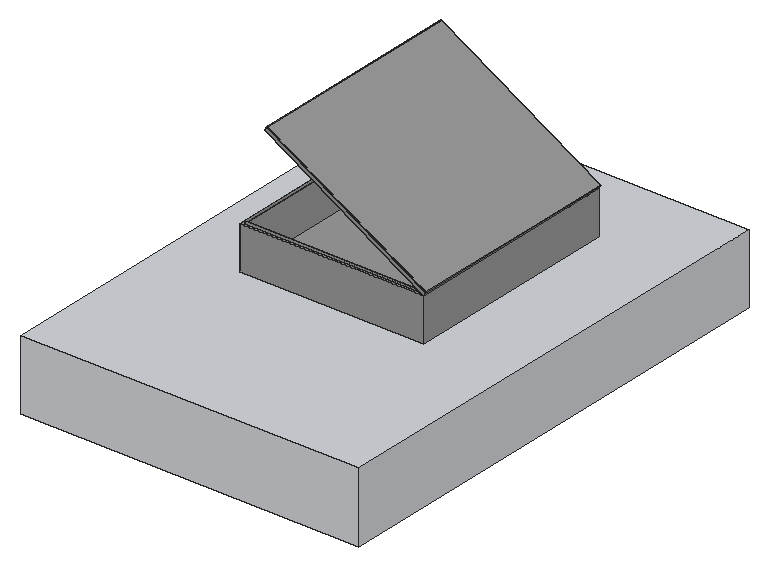
Revit family "Hager-Univers-IP44-D205-H950-Cl.II-Encl-DE-de", category Equipement électrique, Revit 2020
Family settings
  Hôte = Face
  Configuration du panneau = Deux colonnes, circuits au sein
  Cote de connecteur circulaire = Utiliser le diamètre
  Type d'élément = Tableau de raccordement
  Couper avec des vides une fois chargée = Non
  Partagée = Non
  Point de calcul de pièce = Non
Parameters (values of type "Aufputz IP44 B800 H950 T205  - FP63SN2")
  Width Control [instance] = if([EF000008 - Breite] > Min Width, [EF000008 - Breite], Min Width)  # 800 mm
  Commentaires du type = [HG000003 - Bereich]  # "Univers"
  Thickness Door [instance] = if([EF009171 - Materialstärke Tür/Deckel] > 3 mm, 3 mm, [EF009171 - Materialstärke Tür/Deckel])  # 1 mm
  Seal Frame Offset [instance] = 17 mm  # constant formula
  Plinth Visibility [instance] = [HG000027 - Sockelhöhe] > 0 mm  # no
  Model = ""
  Min Width [instance] = 100 mm  # constant formula
  Min Height [instance] = 100 mm  # constant formula
  Min Depth [instance] = (2 * [EF009170 - Materialstärke Gehäuse]) + 1 mm  # 3 mm
  Internal Frame Depth [instance] = (Door System Depth * 0.5)  # 9 mm
  Height Control [instance] = if([EF000040 - Höhe] > Min Height, [EF000040 - Höhe], Min Height)  # 950 mm
  HG000027 - Sockelhöhe = 0 mm
  HG000026 - Stehend auf dem Boden = no
  HG000024 - Höhe des unteren Teils = 800 mm
  HG000023 - Gehäuse mit doppeltem Querschnitt = no
  HG000016 - 3D-Türsichtbarkeit [instance] = yes
  HG000015 - Sichtbarkeit der Türöffnung [instance] = no
  HG000014 - Tür rechts [instance] = yes
  HG000013 - Tür links [instance] = not([HG000014 - Tür rechts])  # no
  HG000012 - Türschwenkwinkel [instance] = 30.00°
  HG000010 - Asymmetrische Türen = no
  HG000009 - Doppelflügeligen Tür = no
  HG000006 - Unterputz = no
  HG000004 - Herstellerreferenz = "FP63SN2"
  HG000003 - Bereich = "Univers"
  HG000002 - Mit tür = yes
  Frame Offset Bottom [instance] = 10 mm  # constant formula
  Frame Offset [instance] = 15 mm  # constant formula
  EF015940 - Deckel mit Überdruckentlastung = no
  EF011959 - Schutzart (NEMA) = ""
  EF009554 - Anzahl der Öffnungen für Flanschplatten = 6
  Fabricant = "Hager"  # constant formula
  EF009212 - Ausführung Deckel = "EV000116 - geschlossen"
  EF009171 - Materialstärke Tür/Deckel = 1 mm
  EF009170 - Materialstärke Gehäuse = 1 mm
  EF008873 - Nennstrom (In) = 250 A
  EF007800 - Geeignet für Blitzschutz = no
  EF006306 - Mit Schloss = no
  EF006244 - Transparenter Deckel/Tür = no
  EF005474 - Schutzart (IP) = "EV006418 - IP44"
  EF004464 - Art der Tür = "EV002646 - Einzel"
  EF004427 - Anzahl der Module = 216
  EF004293 - Schlagfestigkeit = "EV006815 - IK09"
  EF003532 - Geeignet für Außengebrauch = no
  EF002950 - Breite in Teilungseinheiten = 36
  EF001613 - Funktionserhalt = "EV000494 - ohne"
  EF001596 - Werkstoff des Gehäuses = "EV000179 - Stahl"
  EF001131 - Innentiefe = 130 mm
  EF001088 - Anbaumöglichkeit = yes
  EF000437 - Anzahl der Leitungseinführungen = 6
  EF000339 - Art der Abdeckung = "EV004216 - Tür"
  EF000266 - Anzahl der Reihen = 6
  EF000218 - Einbautiefe = 205 mm
  EF000118 - Mit Montageplatte = no
  EF000116 - RAL-Nummer = "9010"
  EF000049 - Tiefe = 205 mm
  EF000040 - Höhe = 950 mm
  EF000008 - Breite = 800 mm
  EF000007 - Farbe = "EV000202 - weiß"
  EF000003 - Montageart = "EV000384 - Aufputz"
  Door System Leaf Tolerance [instance] = 1.5 mm  # constant formula
  Door System Depth [instance] = 18 mm  # constant formula
  Door Height [instance] = Height Control - [HG000027 - Sockelhöhe]  # 950 mm
  Depth Control [instance] = if([EF000049 - Tiefe] > Min Depth, [EF000049 - Tiefe], Min Depth)  # 205 mm
  Default Elevation = 0 mm
  Connector Offset [instance] = Height Control / 2  # 475 mm
  Bottom Top Plate Trim [instance] = 1.5 mm  # constant formula
  Plinth height Ctrl [instance] = if([HG000027 - Sockelhöhe] > 0 mm, [HG000027 - Sockelhöhe], 12 mm)  # 12 mm
Types (5, lengths in mm): name | Width Control | HG000010 - Asymmetrische Türen | HG000009 - Doppelflügeligen Tür | HG000004 - Herstellerreferenz | EF009554 - Anzahl der Öffnungen für Flanschplatten | EF004464 - Art der Tür | EF004427 - Anzahl der Module | EF002950 - Breite in Teilungseinheiten | EF001131 - Innentiefe | EF000437 - Anzahl der Leitungseinführungen | EF000339 - Art der Abdeckung | EF000008 - Breite
  Aufputz IP44 B1050 H950 T205  - FP64SN2 | 1050 | no | yes | "FP64SN2" | 8 | "EV003602 - Doppel" | 288 | 48 | 130 | 8 | "EV004216 - Tür" | 1050
  Aufputz IP44 B1300 H950 T205  - FP65SN2 | 1300 | yes | yes | "FP65SN2" | 10 | "EV003602 - Doppel" | 360 | 60 | 130 | 10 | "EV004216 - Tür" | 1300
  Aufputz IP44 B300 H950 T205  - FP61SN2 | 300 | no | no | "FP61SN2" | 2 | "EV002646 - Einzel" | 72 | 12 | 143 | 2 | "EV001012 - Deckel" | 300
  Aufputz IP44 B550 H950 T205  - FP62SN2 | 550 | no | no | "FP62SN2" | 4 | "EV002646 - Einzel" | 144 | 24 | 143 | 4 | "EV001012 - Deckel" | 550
  Aufputz IP44 B800 H950 T205  - FP63SN2 | 800 | no | no | "FP63SN2" | 6 | "EV002646 - Einzel" | 216 | 36 | 130 | 6 | "EV004216 - Tür" | 800
Reference planes
  plane 1 "Center (Front/Back)": y = 0
  plane 2: z = 0
  plane 3 "Center (Left/Right)": x = 0
  plane 4: z = 205
  plane 5: y = 1
  plane 6: y = 475
  plane 7: y = 0
  plane 8: y = 950
  plane 9: z = 0
  plane 10: x = -385
  plane 11: x = 385
  plane 12: x = 384
  plane 13: x = -384
  plane 14: y = 949
  plane 15: x = -383
  plane 16: x = -400
  plane 17: x = 383
  plane 18: x = 400
  plane 19: x = 399
  plane 20: x = -399
  plane 21: y = 11
  plane 22: y = 950
  plane 23: y = 934
  plane 24: z = 187
  plane 25: z = 1
  plane 26: z = 186
  plane 27: z = 204
Forms (mm)
  Extrusion 1, solid
    sketch origin (0, 0, 0) x (1, 0, 0) y (0, 1, 0)
      loop
        line (-702.964, 1305) -> (-702.964, -811.445) -> (766.763, -811.445) -> (766.763, 1305) -> (-702.964, 1305)
    from 0 to -304.8
  Extrusion 2, solid, material "Hager_Steel_RAL7035_Light_Grey", visible <- "Plinth Visibility", detail levels medium+fine
    sketch origin (0, 0, 0) x (1, 0, 0) y (0, 1, 0)
      loop
        line (-400, 0) -> (400, 0) -> (400, 12) -> (-400, 12) -> (-400, 0)
    from 0 to 187
  Extrusion 3, solid, material "Hager_Steel_RAL7035_Light_Grey", detail levels medium+fine
    sketch origin (0, 0, 0) x (1, 0, 0) y (0, 1, 0)
      loop
        line (-400, 0) -> (400, 0) -> (400, 950) -> (-400, 950) -> (-400, 0)
    from 0 to 187
  Extrusion 4, void
    sketch origin (0, 0, 0) x (1, 0, 0) y (0, 1, 0)
      loop
        line (-399, 1) -> (399, 1) -> (399, 949) -> (-399, 949) -> (-399, 1)
    from 1 to 186
  Extrusion 5, void
    sketch origin (-381.607, -4572, 187) x (0, -1, 0) y (-1, 0, 0)
      loop
        line (-4583, 2.393) -> (-5506, 2.393) -> (-5506, -765.607) -> (-4583, -765.607) -> (-4583, 2.393)
    from 0 to 1 <- "EF009170 - Materialstärke Gehäuse"
  Extrusion 6, solid, material "Hager_Steel_RAL7035_Light_Grey", detail levels fine
    sketch origin (0, 0, 187) x (1, 0, 0) y (0, 1, 0)
      loop
        line (-384, 934) -> (-384, 11) -> (384, 11) -> (384, 934) -> (-384, 934)
      loop
        line (-385, 10) -> (385, 10) -> (385, 935) -> (-385, 935) -> (-385, 10)
    from 0 to 9 <- "Internal Frame Depth"
  Extrusion 7, solid, material "Hager_Steel_RAL7035_Light_Grey", detail levels coarse
    sketch origin (0, 0, 0) x (1, 0, 0) y (0, 1, 0)
      loop
        line (-400, 0) -> (400, 0) -> (400, 950) -> (-400, 950) -> (-400, 0)
    from 0 to 205
  Sweep 8, void
    path in 3D
      loop
        line (-400, 12, 0) -> (400, 12, 0) -> (400, 12, 187) -> (-400, 12, 187) -> (-400, 12, 0)
    profile origin (-400, 12, 93.5) x (-1, 0, 0) y (0, -1, 0)
      loop
        line (0, 0) -> (0, 1.5) -> (-1.5, 1.5)
        arc (-1.5, 1.5) -> (-1.061, 0.439) -> (0, 0) r 1.5
Cuts and joins
  Extrusion 4, Extrusion 5 cuts Extrusion 3
  Sweep 8 cuts Extrusion 2
Lines and regions (mm)
  Masking region 1
    outline origin (0, 0, 0) x (1, 0, 0) y (0, 0, 1)
      loop
        line (-400, 205) -> (-400, 0) -> (400, 0) -> (400, 205) -> (-400, 205)
  Masking region 2, detail levels medium+fine
    outline origin (0, 140, 0) x (0, 1, 0) y (0, 0, 1)
      loop
        line (-140, 0) -> (810, 0) -> (810, 187) -> (-140, 187) -> (-140, 0)
  Masking region 3, not visible, detail levels medium+fine
    outline origin (0, 297.922, 0) x (0, 1, 0) y (0, 0, 1)
      loop
        line (188.578, 0) -> (228.578, 0) -> (228.578, 194)
        arc (228.578, 194) -> (225.649, 201.071) -> (218.578, 204) r 10
        line (218.578, 204) -> (188.578, 204) -> (188.578, 0)
  Masking region 4, detail levels coarse
    outline origin (0, 0, 180) x (0, 1, 0) y (0, 0, 1)
      loop
        line (0, -180) -> (950, -180) -> (950, 25) -> (0, 25) -> (0, -180)
  Masking region 5, visible <- "Plinth Visibility", detail levels medium+fine
    outline origin (0, 52.24, 12.345) x (0, 0, -1) y (0, 1, 0)
      loop
        line (10.845, -40.24) -> (-173.155, -40.24)
        arc (-173.155, -40.24) -> (-173.594, -41.301) -> (-174.655, -41.74) r 1.5
        line (-174.655, -41.74) -> (-174.655, -52.24) -> (12.345, -52.24) -> (12.345, -41.74)
        arc (12.345, -41.74) -> (11.285, -41.301) -> (10.845, -40.24) r 1.5
  Masking region 6, detail levels medium+fine
    outline origin (-381.607, -4572, 187) x (-1, 0, 0) y (0, -1, 0)
      loop
        line (18.393, -5522) -> (18.393, -4572) -> (-781.607, -4572) -> (-781.607, -5522) -> (18.393, -5522)
  Masking region 7, visible <- "Plinth Visibility", detail levels medium+fine
    outline origin (-381.607, -4727, 187) x (-1, 0, 0) y (0, -1, 0)
      loop
        arc (16.893, -4739) -> (17.332, -4737.939) -> (18.393, -4737.5) r 1.5
        line (18.393, -4737.5) -> (18.393, -4727) -> (-781.607, -4727) -> (-781.607, -4737.5)
        arc (-781.607, -4737.5) -> (-780.546, -4737.939) -> (-780.107, -4739) r 1.5
        line (-780.107, -4739) -> (16.893, -4739)
  Masking region 8, detail levels coarse
    outline origin (-442.548, -4669.526, 187) x (-1, 0, 0) y (0, -1, 0)
      loop
        line (-42.548, -5619.526) -> (-42.548, -4669.526) -> (-842.548, -4669.526) -> (-842.548, -5619.526) -> (-42.548, -5619.526)
  sketch lines
    curve 1: line (-400, 12, 187) -> (-400, 12, 0)
    curve 2: line (400, 12, 187) -> (-400, 12, 187)
    curve 3: line (400, 12, 187) -> (400, 12, 0)
    curve 4: line (-400, 12, 0) -> (400, 12, 0)
Dimensions and locks
  "Depth Control": plane 4 to Extrusion 1
  "HG000027 - Sockelhöhe": plane 1 "Center (Front/Back)" to plane 7
  "EF009170 - Materialstärke Gehäuse": plane 5 to plane 7
  locked: connector elem to plane 3 "Center (Left/Right)"
  equal spacing: plane 8, plane 6, plane 7
  locked: connector elem to plane 6
  "EF009170 - Materialstärke Gehäuse": plane 8 to plane 14
  "EF009170 - Materialstärke Gehäuse": plane 10 to plane 13
  "EF009170 - Materialstärke Gehäuse": plane 12 to plane 11
  "Frame Offset": plane 20 to plane 13
  "Frame Offset": plane 12 to plane 19
  "EF009170 - Materialstärke Gehäuse": plane 16 to plane 20
  "EF009170 - Materialstärke Gehäuse": plane 19 to plane 18
  "Seal Frame Offset": plane 16 to plane 15
  "Seal Frame Offset": plane 17 to plane 18
  "Frame Offset Bottom": plane 21 to plane 5
  "Frame Offset": plane 14 to plane 23
  equal spacing: plane 16, plane 3 "Center (Left/Right)", plane 18
  "Width Control": plane 16 to plane 18
  "EF009170 - Materialstärke Gehäuse": plane 4 to plane 27
  "EF009170 - Materialstärke Gehäuse": plane 24 to plane 26
  "EF009170 - Materialstärke Gehäuse": plane 25 to level
  "Door System Depth": plane 4 to plane 24
  "Height Control": plane 1 "Center (Front/Back)" to Extrusion 7 sketch curve
  "Height Control": Masking region 4 sketch curve to plane 1 "Center (Front/Back)"
  "Height Control": plane 1 "Center (Front/Back)" to plane 22
  "Bottom Top Plate Trim": profile plane to Sweep 8 sketch curve
  "Bottom Top Plate Trim": Sweep 8 sketch curve to profile plane
  "Plinth height Ctrl": plane 1 "Center (Front/Back)" to Extrusion 2 sketch curve
  "Plinth height Ctrl": Masking region 5 sketch curve to plane 1 "Center (Front/Back)"
  "Plinth height Ctrl": plane 1 "Center (Front/Back)" to Masking region 7 sketch curve
  "Thickness Door": Extrusion 6 sketch curve to Extrusion 6 sketch curve  (x3)
  "Thickness Door": cut or joined group of Extrusion 3, Extrusion 4, Extrusion 5 to Extrusion 6 sketch curve
  radius of Masking region 3 sketch curve = 10 mm
  "Bottom Top Plate Trim": radius of Masking region 5 sketch curve  (x2)
  "Bottom Top Plate Trim": radius of Sweep 8 sketch curve
  "Bottom Top Plate Trim": radius of Masking region 7 sketch curve  (x2)
  aligned and locked: plane 2 to Extrusion 1
  aligned and locked: level to Extrusion 1
  aligned and locked: level to Masking region 1 sketch curve
  aligned and locked: Masking region 1 sketch curve to plane 18
  aligned and locked: Masking region 1 sketch curve to plane 16
  aligned and locked: plane 7 to Masking region 2 sketch curve
  aligned and locked: level to Masking region 3 sketch curve
  aligned and locked: Masking region 3 sketch curve to plane 27
  aligned and locked: level to Masking region 2 sketch curve
  aligned and locked: plane 1 "Center (Front/Back)" to Extrusion 2 sketch curve
  aligned and locked: Extrusion 3 sketch curve to plane 7
  aligned and locked: plane 16 to Extrusion 3 sketch curve
  aligned and locked: plane 18 to Extrusion 3 sketch curve
  aligned and locked: plane 20 to Extrusion 4 sketch curve
  aligned and locked: plane 19 to Extrusion 4 sketch curve
  aligned and locked: Extrusion 4 sketch curve to plane 5
  aligned and locked: Extrusion 4 to plane 25
  aligned and locked: plane 26 to Extrusion 4
  aligned and locked: plane 24 to Extrusion 3
  aligned and locked: Extrusion 5 sketch curve to plane 21
  aligned and locked: Extrusion 5 sketch curve to plane 13
  aligned and locked: Extrusion 5 sketch curve to plane 12
  aligned and locked: plane 18 to Extrusion 7 sketch curve
  aligned and locked: plane 1 "Center (Front/Back)" to Extrusion 7 sketch curve
  aligned and locked: plane 16 to Extrusion 7 sketch curve
  aligned and locked: plane 4 to Extrusion 7
  aligned and locked: Extrusion 7 to level
  aligned and locked: level to Masking region 4 sketch curve
  aligned and locked: Masking region 4 sketch curve to plane 1 "Center (Front/Back)"
  aligned and locked: Masking region 4 sketch curve to plane 4
  aligned and locked: nested 1 to level
  aligned and locked: nested 1 to plane 16
  aligned and locked: plane 8 to Extrusion 3 sketch curve
  aligned and locked: plane 23 to Extrusion 5 sketch curve
  aligned and locked: plane 14 to Extrusion 4 sketch curve
  aligned and locked: Masking region 2 sketch curve to plane 8
  aligned and locked: level to Masking region 5 sketch curve
  aligned and locked: plane 16 to Extrusion 2 sketch curve
  aligned and locked: plane 18 to Extrusion 2 sketch curve
  aligned and locked: Masking region 5 sketch curve to plane 24
  aligned and locked: Masking region 2 sketch curve to plane 24
  aligned and locked: plane 24 to Extrusion 2
  aligned and locked: profile plane to Sweep 8 sketch curve  (x2)
  aligned and locked: Masking region 6 sketch curve to plane 18
  aligned and locked: Masking region 6 sketch curve to plane 22
  aligned and locked: Masking region 6 sketch curve to plane 16
  aligned and locked: plane 8 to plane 22
  aligned and locked: Masking region 6 sketch curve to plane 7
  aligned and locked: Masking region 7 sketch curve to plane 16
  aligned and locked: Masking region 7 sketch curve to plane 1 "Center (Front/Back)"
  aligned and locked: Masking region 7 sketch curve to plane 18
  aligned and locked: Masking region 8 sketch curve to plane 1 "Center (Front/Back)"
  aligned and locked: Masking region 8 sketch curve to plane 18
  aligned and locked: Masking region 8 sketch curve to plane 22
  aligned and locked: Masking region 8 sketch curve to plane 16
  aligned and locked: nested 2 to plane 7
  aligned and locked: plane 3 "Center (Left/Right)" to nested 2
  aligned and locked: nested 2 to plane 24
  aligned and locked: Extrusion 6 sketch curve to cut or joined group of Extrusion 3, Extrusion 4, Extrusion 5  (x4)
Automatic sketch dimensions
  Extrusion 1 sketch curve to Extrusion 1 sketch curve = 1469.727 mm
  Extrusion 1 sketch curve to Extrusion 1 sketch curve = 2116.445 mm
  Masking region 1 sketch curve to plane 4 = 0 mm
  plane 6 to Masking region 3 sketch curve = 11.5 mm
  Masking region 3 sketch curve to Masking region 3 sketch curve = 30 mm
  Masking region 5 sketch curve to plane 1 "Center (Front/Back)" = 0 mm
Nested families
  nested 1: "Hager_Enclosure_Symbol" at (-400, 0, 0) x (1, 0, 0) z (0, -1, 0), Height <- "Depth Control", Width <- "Width Control", type "Hager_Enclosure_Symbol"
    with Width_Ctrl 800 mm, Width 800 mm, Height_Ctrl 205 mm, Height 205 mm, A_Width_Int 13.453 mm, A_Width 161.438 mm, A_Height_Ctrl 179.375 mm, A_Height 179.375 mm
  nested 2: "EC000058_Univers_Door" at (0, 0, 187) x (1, 0, 0) z (0, 1, 0), Leaf_Tolerance <- "Door System Leaf Tolerance", Angle <- "HG000012 - Türschwenkwinkel", Door_Depth <- "Door System Depth", Door_Left <- "HG000013 - Tür links", Transparent <- "EF006244 - Transparenter Deckel/Tür", Assymetrical <- "HG000010 - Asymmetrische Türen", Width <- "Width Control", Clearance <- "HG000015 - Sichtbarkeit der Türöffnung", Double <- "HG000009 - Doppelflügeligen Tür", 3d_Door <- "HG000016 - 3D-Türsichtbarkeit", Lock_Visibility <- "EF006306 - Mit Schloss", Width_Ctrl <- "Width Control", Door_Right <- "HG000014 - Tür rechts", Door <- "HG000002 - Mit tür", Height <- "Door Height", Thickness <- "Thickness Door", type "EC000058_Univers_Door", detail levels medium+fine
    with min_wh 3 mm, Width_Ctrl 800 mm, Width 800 mm, Transparent no, Thickness 1 mm, Seal_Material Hager_Rubber, Lock_Visibility no, Lock_Material Hager_Plastic_RAL9005_Jet_Black, Leaf_Width 800 mm, Leaf_Tolerance_External_Sides 0 mm, Leaf_Tolerance 1.5 mm, Leaf_Offset 0 mm, Leaf_Height 947 mm, Leaf_2_Width 800 mm, Leaf_2_Offset 400 mm, Leaf_1_Width 800 mm, Leaf_1_Offset 400 mm, Height_Ctrl 950 mm, Height 950 mm, Glass_Material Hager_Glass, Double_Clearance_Ctrl no, Double no, Door_Right_Ctrl yes, Door_Right yes, Door_Material Hager_Steel_RAL7035_Light_Grey, Door_Left_Ctrl no, Door_Left no, Door_Depth 18 mm, Door yes, Clearance_Material Hager_Clearance, Clearance_Depth 800 mm, Clearance_Ctrl no, Clearance no, Assymetrical no, Angle 30.00°, 3d_Door yes
Connectors
  electrical at (0, 475, 0)
    settings: on plane 9, index 1, voltage 0 V, apparent load 0 VA, apparent load phase1 0 VA, apparent load phase2 0 VA, apparent load phase3 0 VA, power factor 1, load classification "Other", number of poles 1, system type 30, power factor state 1, is connector primary yes, connector utility no, sub classification motor no, connector description ""
Definition of nested family "EC000058_Univers_Door"
  Parameters (values of type "EC000058_Univers_Door")
    min_wh [instance] = (2 * Thickness) + 1 mm  # 11 mm
    Width_Ctrl [instance] = 400 mm
    Width [instance] = 500 mm
    Transparent [instance] = yes
    Thickness [instance] = 5 mm
    Seal_Material [instance] = none
    Lock_Visibility [instance] = yes
    Lock_Material [instance] = none
    Leaf_Width [instance] = if((Width_Ctrl - 2 * Leaf_Tolerance_External_Sides) > 0 mm, (Width_Ctrl - 2 * Leaf_Tolerance_External_Sides), min_wh)  # 400 mm
    Leaf_Tolerance_External_Sides [instance] = 0 mm  # constant formula
    Leaf_Tolerance [instance] = 1.5 mm
    Leaf_Offset [instance] = 0 mm  # constant formula
    Leaf_Height [instance] = if((Height_Ctrl - 2 * Leaf_Tolerance) > 0 mm, (Height_Ctrl - 2 * Leaf_Tolerance), min_wh)  # 497 mm
    Leaf_2_Width [instance] = if(and(and(Double, Assymetrical), Door_Left), (Leaf_Width / 3) - (Leaf_Tolerance / 2), if(and(and(Double, Assymetrical), Door_Right), (Leaf_Width / 3) * 2 - (Leaf_Tolerance / 2), if(and(Double, not(Assymetrical)), (Leaf_Width / 2) - Leaf_Tolerance, Leaf_Width)))  # 400 mm
    Leaf_2_Offset [instance] = if(and(Double, Assymetrical), Leaf_2_Width / 2, if(and(Double, not(Assymetrical)), Leaf_Width / 4, Leaf_Width / 2))  # 200 mm
    Leaf_1_Width [instance] = if(and(and(Double, Assymetrical), Door_Right), (Leaf_Width / 3) - (Leaf_Tolerance / 2), if(and(and(Double, Assymetrical), Door_Left), (Width / 3) * 2 - (Leaf_Tolerance / 2), if(and(Double, not(Assymetrical)), (Leaf_Width / 2) - Leaf_Tolerance, Leaf_Width)))  # 400 mm
    Leaf_1_Offset [instance] = if(and(Double, Assymetrical), Leaf_1_Width / 2, if(and(Double, not(Assymetrical)), Leaf_Width / 4, Leaf_Width / 2))  # 200 mm
    Height_Ctrl [instance] = if(Height > min_wh, Height, min_wh)  # 500 mm
    Height [instance] = 500 mm
    Glass_Material [instance] = none
    Double_Clearance_Ctrl [instance] = and(Double, Clearance)  # no
    Double [instance] = no
    Door_Right_Ctrl [instance] = and(or(Door_Right, Double), Door)  # yes
    Door_Right [instance] = yes
    Door_Material [instance] = none
    Door_Left_Ctrl [instance] = and(or(Door_Left, Double), Door)  # no
    Door_Left [instance] = no
    Door_Depth [instance] = 30 mm
    Door [instance] = yes
    Default Elevation = 1219.2 mm
    Clearance_Material [instance] = none
    Clearance_Depth [instance] = if(Leaf_1_Width > Leaf_2_Width, Leaf_1_Width, Leaf_2_Width)  # 400 mm
    Clearance_Ctrl [instance] = and(not(Double), Clearance)  # yes
    Clearance [instance] = yes
    Assymetrical [instance] = yes
    Angle [instance] = 30.00°
    3d_Door [instance] = yes
  Reference planes
    plane 1 "Center (Front/Back)": y = 0
    plane 2 "Bottom": z = 0
    plane 3 "Center (Left/Right)": x = 0
    plane 4: z = 500
    plane 5: x = -200
    plane 6: x = 200
    plane 7: z = 500
    plane 8: x = -200
    plane 9: z = 0
    plane 10: x = 200
    plane 11: y = 0
    plane 12: z = 1.5
    plane 13: x = -600
    plane 14: y = -400
    plane 15: x = 600
    plane 16: x = 0
    plane 17: x = 0
    plane 18: x = -200
    plane 19: x = 200
    plane 20: z = 498.5
  Forms (mm)
    Extrusion 1, solid, material <- "Clearance_Material", visible <- "Double_Clearance_Ctrl"
      sketch origin (1200, 0, 0) x (1, 0, 0) y (0, 0, -1)
        loop
          line (-1800, -498.5) -> (-600, -498.5) -> (-600, 0) -> (-1800, 0) -> (-1800, -498.5)
      from 0 to -400
  Dimensions and locks
    equal spacing: plane 5, plane 3 "Center (Left/Right)", plane 6
    "Width_Ctrl": plane 5 to plane 6
    "Leaf_Offset": plane 5 to plane 8
    "Leaf_Offset": plane 6 to plane 10
    "Leaf_Offset": plane 9 to level
    "Leaf_Offset": plane 4 to plane 7
    "Height_Ctrl": plane 4 to level
    "Leaf_Tolerance": plane 12 to plane 9
    locked: plane 11 to plane 1 "Center (Front/Back)"
    "Leaf_1_Offset": plane 18 to plane 16
    "Leaf_2_Offset": plane 17 to plane 19
    "Leaf_1_Width": plane 13 to plane 8
    "Leaf_2_Width": plane 10 to plane 15
    "Clearance_Depth": plane 14 to plane 1 "Center (Front/Back)"
    "Leaf_Tolerance_External_Sides": plane 8 to plane 18
    "Leaf_Tolerance_External_Sides": plane 19 to plane 10
    "Leaf_Tolerance": plane 7 to plane 20
    aligned and locked: level to plane 2 "Bottom"
    aligned and locked: nested 1 to plane 16
    aligned and locked: nested 2 to plane 17
    aligned and locked: Extrusion 1 to plane 13
    aligned and locked: plane 15 to Extrusion 1
    aligned and locked: Extrusion 1 to plane 14
    aligned and locked: plane 12 to nested 1
    aligned and locked: nested 2 to plane 12
    aligned and locked: Extrusion 1 to plane 11
    aligned and locked: plane 20 to Extrusion 1
    aligned and locked: nested 2 to plane 11
    aligned and locked: nested 1 to plane 11
  Automatic sketch dimensions
    Extrusion 1 sketch curve to level = 0 mm
    plane 5 to Extrusion 1 sketch curve = 400 mm
    plane 6 to Extrusion 1 sketch curve = 400 mm
    Extrusion 1 sketch curve to plane 4 = 1.5 mm
  Nested families
    nested 1: "EC000058_Univers_Door_Leaf" at (0, 0, 1.5), Width <- "Leaf_1_Width", visible <- "Door_Left_Ctrl", Leaf_Height <- "Leaf_Height", Angle <- "Angle", 3d_Door <- "3d_Door", Transparent <- "Transparent", Clearance Material <- "Clearance_Material", Clearance <- "Clearance_Ctrl", Door_Material <- "Door_Material", Glass_Material <- "Glass_Material", Door_Depth <- "Door_Depth", Lock_Material <- "Lock_Material", Seal_Material <- "Seal_Material", Lock_Visibility <- "Lock_Visibility", Thickness <- "Thickness", type "EC000058_Univers_Door_Leaf"
      with Width 400 mm, Transparent_Glass_Offset 30 mm, Transparent_Ctrl yes, Transparent yes, Thickness 5 mm, Standard no, Seal_Material none, Seal_D2 8 mm, Seal_D1 1 mm, Offset_Internal_Frame 10 mm, Lock_Width 20 mm, Lock_Visibility_3d yes, Lock_Visibility yes, Lock_Thickness_3 3 mm, Lock_Thickness_2 1 mm, Lock_Thickness_1 3 mm, Lock_Radius_Offset_2 16 mm, Lock_Radius_Offset_1 15 mm, Lock_Radius_2 5 mm, Lock_Radius 6 mm, Lock_Offset 5 mm, Lock_Material none, Lock_Height 80 mm, Lock_Cover_Top_Offset_2d 17 mm, Lock_Cover_Height -65 mm, Leaf_Height 497 mm, Internal_Seal_Thickness 8 mm, Internal_Seal_Depth_2 4.5 mm, Internal_Frame_Depth 25 mm, Glass_Thickness -1 mm, Glass_Offset -2 mm, Glass_Material none, Door_Material none, Door_Depth 30 mm, Clearance Material none, Clearance yes, Angle_Ctrl 30.00°, Angle 30.00°, 3d_Door yes
    nested 2: "EC000058_Univers_Door_Leaf" at (0, 0, 1.5) x (-1, 0, 0) z (0, 0, 1), Width <- "Leaf_2_Width", visible <- "Door_Right_Ctrl", Leaf_Height <- "Leaf_Height", Angle <- "Angle", 3d_Door <- "3d_Door", Transparent <- "Transparent", Clearance Material <- "Clearance_Material", Clearance <- "Clearance_Ctrl", Door_Material <- "Door_Material", Glass_Material <- "Glass_Material", Door_Depth <- "Door_Depth", Lock_Material <- "Lock_Material", Seal_Material <- "Seal_Material", Lock_Visibility <- "Lock_Visibility", Thickness <- "Thickness", type "EC000058_Univers_Door_Leaf"
      with Width 400 mm, Transparent_Glass_Offset 30 mm, Transparent_Ctrl yes, Transparent yes, Thickness 5 mm, Standard no, Seal_Material none, Seal_D2 8 mm, Seal_D1 1 mm, Offset_Internal_Frame 10 mm, Lock_Width 20 mm, Lock_Visibility_3d yes, Lock_Visibility yes, Lock_Thickness_3 3 mm, Lock_Thickness_2 1 mm, Lock_Thickness_1 3 mm, Lock_Radius_Offset_2 16 mm, Lock_Radius_Offset_1 15 mm, Lock_Radius_2 5 mm, Lock_Radius 6 mm, Lock_Offset 5 mm, Lock_Material none, Lock_Height 80 mm, Lock_Cover_Top_Offset_2d 17 mm, Lock_Cover_Height -65 mm, Leaf_Height 497 mm, Internal_Seal_Thickness 8 mm, Internal_Seal_Depth_2 4.5 mm, Internal_Frame_Depth 25 mm, Glass_Thickness -1 mm, Glass_Offset -2 mm, Glass_Material none, Door_Material none, Door_Depth 30 mm, Clearance Material none, Clearance yes, Angle_Ctrl 30.00°, Angle 30.00°, 3d_Door yes
  Definition of nested family "EC000058_Univers_Door_Leaf"
    Parameters (values of type "EC000058_Univers_Door_Leaf")
      Width [instance] = 2000 mm
      Transparent_Glass_Offset [instance] = 30 mm
      Transparent_Ctrl [instance] = and(Transparent, [3d_Door])  # yes
      Transparent [instance] = yes
      Thickness [instance] = 5 mm
      Standard [instance] = and(not(Transparent), [3d_Door])  # no
      Seal_Material [instance] = none
      Seal_D2 [instance] = 8 mm  # constant formula
      Seal_D1 [instance] = 1 mm  # constant formula
      Offset_Internal_Frame [instance] = 10 mm  # constant formula
      Lock_Width [instance] = 20 mm  # constant formula
      Lock_Visibility_3d [instance] = and(Lock_Visibility, [3d_Door])  # yes
      Lock_Visibility [instance] = yes
      Lock_Thickness_3 [instance] = 3 mm  # constant formula
      Lock_Thickness_2 [instance] = 1 mm  # constant formula
      Lock_Thickness_1 [instance] = 3 mm  # constant formula
      Lock_Radius_Offset_2 [instance] = Lock_Radius_Offset_1 + 1 mm  # 16 mm
      Lock_Radius_Offset_1 [instance] = 15 mm  # constant formula
      Lock_Radius_2 [instance] = Lock_Radius - 1 mm  # 5 mm
      Lock_Radius [instance] = 6 mm  # constant formula
      Lock_Offset [instance] = 5 mm  # constant formula
      Lock_Material [instance] = none
      Lock_Height [instance] = 80 mm  # constant formula
      Lock_Cover_Top_Offset_2d [instance] = Lock_Radius_Offset_2 + 1 mm  # 17 mm
      Lock_Cover_Height [instance] = -(Lock_Height - Lock_Radius_Offset_1)  # -65 mm
      Leaf_Height [instance] = 2720.336 mm
      Internal_Seal_Thickness [instance] = 8 mm  # constant formula
      Internal_Seal_Depth_2 [instance] = 4.5 mm  # constant formula
      Internal_Frame_Depth [instance] = if(Door_Depth - Thickness > 5 mm, Door_Depth - Thickness, 5 mm)  # 25 mm
      Glass_Thickness [instance] = if(Thickness > 15 mm, Glass_Offset + 10 mm, -1 mm)  # -1 mm
      Glass_Offset [instance] = if(Thickness > 15 mm, -(Thickness + 10 mm) / 2, -2 mm)  # -2 mm
      Glass_Material [instance] = none
      Door_Material [instance] = none
      Door_Depth [instance] = 30 mm
      Default Elevation = 0 mm
      Clearance Material [instance] = none
      Clearance [instance] = yes
      Angle_Ctrl [instance] = if(Angle > 180.00°, 180.00°, Angle)  # 90.00°
      Angle [instance] = 90.00°
      3d_Door [instance] = yes
    Reference planes
      plane 1 "Center (Front/Back)": y = 0
      plane 2: z = 0
      plane 3 "Center (Left/Right)": x = 0
      plane 4: y = 2000
      plane 5: x = -1000
      plane 6: x = 1000
      plane 7: x = -3000
      plane 8: z = 2720.336
      plane 9: z = 30
      plane 10: z = 2690.336
      plane 11: x = 970
      plane 12: x = -970
      plane 13: y = -3
      plane 14: z = 107.833
      plane 15: y = -5
      plane 16: y = -223.314
      plane 17: x = -1000
      plane 18: z = 1360.168
      plane 19: y = 30
    Forms (mm)
      Extrusion 1, solid, material <- "Clearance Material", visible <- "Clearance"
        sketch origin (0, 0, 0) x (1, 0, 0) y (0, 0, 1)
          loop
            line (-3000, 2720.336) -> (-3000, 0) -> (1000, 0) -> (1000, 2720.336) -> (-3000, 2720.336)
        from 0 to -2000
      Extrusion 2, solid, material <- "Door_Material", visible <- "Standard", detail levels medium+fine
        sketch origin (-1000, 0, 0) x (0, 1, 0) y (-1, 0, 0)
          loop
            line (0, 30) -> (0, 25) -> (2000, 25) -> (2000, 30) -> (0, 30)
        from 0 to 2720.336 <- "Leaf_Height"
      Extrusion 3, solid, material <- "Door_Material", visible <- "Transparent_Ctrl", detail levels medium+fine
        sketch origin (-1000, 0, 0) x (0, 1, 0) y (-1, 0, 0)
          loop
            line (0, 25) -> (2000, 25) -> (2000, 30) -> (0, 30) -> (0, 25)
        from 0 to 2720.336 <- "Leaf_Height"
      Extrusion 4, void
        sketch origin (-1025, 2000, 0) x (0, 1, 0) y (0, 0, -1)
          loop
            line (-30, -2690.336) -> (-30, -30) -> (-1970, -30) -> (-1970, -2690.336) -> (-30, -2690.336)
        from 0 to 5 <- "Thickness"
      Sweep 5, solid, material <- "Seal_Material", visible <- "Transparent_Ctrl", detail levels fine
        path in 3D
          loop
            line (-1025, 30, 30) -> (-1025, 30, 2690.336) -> (-1025, 1970, 2690.336) -> (-1025, 1970, 30) -> (-1025, 30, 30)
        profile origin (-1025, 1000, 30) x (1, 0, 0) y (0, 0, 1)
          loop
            line (0, 0) -> (0, -8) -> (1, -8) -> (1, 0) -> (0, 0)
      Extrusion 6, solid, material <- "Glass_Material", visible <- "Transparent_Ctrl", detail levels medium+fine
        sketch origin (-1030, 0, 0) x (0, 1, 0) y (0, 0, -1)
          loop
            line (1970, -2690.336) -> (1970, -30) -> (30, -30) -> (30, -2690.336) -> (1970, -2690.336)
        from -2 <- "Glass_Offset" to -1 <- "Glass_Thickness"
      Extrusion 7, solid, material <- "Door_Material", visible <- "3d_Door", detail levels medium+fine
        sketch origin (-1025, 2000, 0) x (0, -1, 0) y (0, 0, -1)
          loop
            line (0, -2720.336) -> (2000, -2720.336) -> (2000, 0) -> (0, 0) -> (0, -2720.336)
          loop
            line (1995, -5) -> (5, -5) -> (5, -2715.336) -> (1995, -2715.336) -> (1995, -5)
        from 0 to 25 <- "Internal_Frame_Depth"
      Sweep 8, solid, material <- "Seal_Material", visible <- "Transparent_Ctrl", detail levels fine
        path in 3D
          loop
            line (-1025, 0, 0) -> (-1025, 2000, 0) -> (-1025, 2000, 2720.336) -> (-1025, 0, 2720.336) -> (-1025, 0, 0)
        profile origin (-1025, 0, 1360.168) x (1, 0, 0) y (0, 1, 0)
          loop
            line (0, 10) -> (2.975, 10)
            arc (2.975, 10) -> (4.053, 10.447) -> (4.5, 11.525) r 1.525
            line (4.5, 11.525) -> (4.5, 16.527)
            arc (4.5, 16.527) -> (4.069, 17.569) -> (3.027, 18) r 1.473
            line (3.027, 18) -> (0, 18) -> (0, 10)
      Extrusion 9, solid, material <- "Lock_Material", visible <- "Lock_Visibility_3d", detail levels fine
        sketch origin (-1030, 0, 0) x (0, 1, 0) y (0, 0, -1)
          loop
            arc (1993.5, -1400.168) -> (1994.561, -1399.729) -> (1995, -1398.668) r 1.5
            line (1995, -1398.668) -> (1995, -1320.168) -> (1975, -1320.168) -> (1975, -1398.668)
            arc (1975, -1398.668) -> (1975.439, -1399.729) -> (1976.5, -1400.168) r 1.5
            line (1976.5, -1400.168) -> (1993.5, -1400.168)
        from 3 <- "Lock_Thickness_1" to 0
      Blend 10, solid, material <- "Lock_Material", visible <- "Lock_Visibility_3d", detail levels fine
        base sketch origin (-1033, 0, 0) x (0, 1, 0) y (0, 0, -1)
          loop
            line (1975, -1320.168) -> (1975, -1398.668)
            arc (1975, -1398.668) -> (1975.439, -1399.729) -> (1976.5, -1400.168) r 1.5
            line (1976.5, -1400.168) -> (1993.5, -1400.168)
            arc (1993.5, -1400.168) -> (1994.561, -1399.729) -> (1995, -1398.668) r 1.5
            line (1995, -1398.668) -> (1995, -1320.168) -> (1975, -1320.168)
        top sketch origin (-1033, 0, 0) x (0, 1, 0) y (0, 0, -1)
          loop
            line (1976, -1320.168) -> (1976, -1398.668)
            arc (1976, -1398.668) -> (1976.146, -1399.022) -> (1976.5, -1399.168) r 0.5
            line (1976.5, -1399.168) -> (1993.5, -1399.168)
            arc (1993.5, -1399.168) -> (1993.854, -1399.022) -> (1994, -1398.668) r 0.5
            line (1994, -1398.668) -> (1994, -1320.168) -> (1976, -1320.168)
        from 0 to 1 <- "Lock_Thickness_2"
      Blend 11, solid, material <- "Lock_Material", visible <- "Lock_Visibility_3d", detail levels fine
        base sketch origin (-1034, 0, 0) x (0, 1, 0) y (0, 0, -1)
          loop
            line (1978, -1320.168) -> (1978, -1384.168)
            arc (1978, -1384.168) -> (1985, -1391.168) -> (1992, -1384.168) r 7
            line (1992, -1384.168) -> (1992, -1320.168) -> (1978, -1320.168)
        top sketch origin (-1034, 0, 0) x (0, 1, 0) y (0, 0, -1)
          loop
            line (1991, -1320.168) -> (1979, -1320.168) -> (1979, -1383.168)
            arc (1979, -1383.168) -> (1985, -1389.168) -> (1991, -1383.168) r 6
            line (1991, -1383.168) -> (1991, -1320.168)
        from 0 to 3 <- "Lock_Thickness_3"
      Extrusion 12, solid, material <- "Lock_Material", visible <- "Lock_Visibility_3d", detail levels fine
        sketch origin (-1030, 1975, 1320.168) x (1, 0, 0) y (0, -1, 0)
          loop
            line (-7, -19) -> (-7, -1) -> (0, -1) -> (0, 0) -> (-8, 0) -> (-8, -20) -> (0, -20) -> (0, -19) -> (-7, -19)
        from 0 to -65 <- "Lock_Cover_Height"
      Extrusion 13, void
        sketch origin (-1038, 1995, 1320.168) x (-1, 0, 0) y (0, 0, -1)
          loop
            line (-5, -65) -> (0, -65) -> (-5, -60) -> (-5, -65)
        from 0 to 20 <- "Lock_Width"
      Extrusion 14, void
        sketch origin (-1038, 1975, 1320.168) x (0, -1, 0) y (0, 0, -1)
          loop
            circle (-10, -15.995) r 6
          loop
            circle (-10, -15.995) r 5
        from 0 to 2
      Extrusion 15, solid, material <- "Lock_Material", visible <- "Lock_Visibility_3d", detail levels medium
        sketch origin (-1030, 0, 0) x (0, 1, 0) y (0, 0, -1)
          loop
            arc (1993.5, -1400.168) -> (1994.561, -1399.729) -> (1995, -1398.668) r 1.5
            line (1995, -1398.668) -> (1995, -1320.168) -> (1975, -1320.168) -> (1975, -1398.668)
            arc (1975, -1398.668) -> (1975.439, -1399.729) -> (1976.5, -1400.168) r 1.5
            line (1976.5, -1400.168) -> (1993.5, -1400.168)
        from 8 to 0
    Cuts and joins
      Extrusion 4 cuts Extrusion 3
      Extrusion 13, Extrusion 14 cuts Extrusion 9
      Extrusion 14 cuts Blend 11
      Extrusion 13, Extrusion 14 cuts Extrusion 12
      joined: Extrusion 9, Blend 10, Blend 11, Extrusion 12
      Extrusion 14 cuts Extrusion 15
    Lines and regions (mm)
      Masking region 1, visible <- "Lock_Visibility", detail levels fine
        outline origin (0, 0, 0) x (0, 1, 0) y (0, 0, 1)
          loop
            line (30, 1320.168) -> (33, 1320.168) -> (33, 1400.168) -> (30, 1400.168) -> (30, 1320.168)
      Masking region 2, visible <- "Lock_Visibility", detail levels fine
        outline origin (0, 3.143, 0) x (0, 1, 0) y (0, 0, 1)
          loop
            line (29.857, 1354.168) -> (30.857, 1354.168) -> (30.857, 1366.168) -> (29.857, 1366.168) -> (29.857, 1354.168)
      Masking region 3, detail levels medium+fine
        outline origin (0, 0, 0) x (0, 1, 0) y (0, 0, 1)
          loop
            line (0, 0) -> (30, 0) -> (30, 2720.336) -> (0, 2720.336) -> (0, 0)
      Masking region 4, detail levels medium+fine
        outline origin (0, 0, 0) x (1, 0, 0) y (0, 0, 1)
          loop
            line (-1000, 2720.336) -> (-1000, 0) -> (1000, 0) -> (1000, 2720.336) -> (-1000, 2720.336)
      Masking region 5, visible <- "Lock_Visibility", detail levels fine
        outline origin (-47.116, 0, 0) x (1, 0, 0) y (0, 0, 1)
          loop
            arc (1024.616, 1399.168) -> (1023.556, 1398.729) -> (1023.116, 1397.668) r 1.5
            line (1023.116, 1397.668) -> (1023.116, 1320.168) -> (1041.116, 1320.168) -> (1041.116, 1397.668)
            arc (1041.116, 1397.668) -> (1040.677, 1398.729) -> (1039.616, 1399.168) r 1.5
            line (1039.616, 1399.168) -> (1024.616, 1399.168)
      Masking region 6, visible <- "Lock_Visibility", detail levels medium+fine
        outline origin (-25, 0, 0) x (1, 0, 0) y (0, 0, 1)
          loop
            arc (1001.5, 1400.168) -> (1000.439, 1399.729) -> (1000, 1398.668) r 1.5
            line (1000, 1398.668) -> (1000, 1320.168) -> (1020, 1320.168) -> (1020, 1398.668)
            arc (1020, 1398.668) -> (1019.561, 1399.729) -> (1018.5, 1400.168) r 1.5
            line (1018.5, 1400.168) -> (1001.5, 1400.168)
      Masking region 7, visible <- "Lock_Visibility", detail levels fine
        outline origin (-73.735, 0, 0) x (1, 0, 0) y (0, 0, 1)
          loop
            line (1051.735, 1382.168) -> (1065.735, 1382.168) -> (1065.735, 1384.168)
            arc (1065.735, 1384.168) -> (1058.735, 1391.168) -> (1051.735, 1384.168) r 7
            line (1051.735, 1384.168) -> (1051.735, 1382.168)
      Masking region 8, visible <- "Lock_Visibility", detail levels fine
        outline origin (-73.735, 0, 0) x (1, 0, 0) y (0, 0, 1)
          loop
            line (1052.735, 1382.168) -> (1064.735, 1382.168) -> (1064.735, 1383.168)
            arc (1064.735, 1383.168) -> (1058.735, 1389.168) -> (1052.735, 1383.168) r 6
            line (1052.735, 1383.168) -> (1052.735, 1382.168)
      Masking region 9, visible <- "Lock_Visibility", detail levels fine
        outline origin (-25, 0, 0) x (1, 0, 0) y (0, 0, 1)
          loop
            line (1020, 1320.168) -> (1020, 1382.168) -> (1000, 1382.168) -> (1000, 1320.168) -> (1020, 1320.168)
      Masking region 10, detail levels medium+fine
        outline origin (0, 0, 0) x (1, 0, 0) y (0, 0, 1)
          loop
            circle (985, 1335.144) r 6
      Masking region 11, detail levels fine
        outline origin (0, 0, 0) x (1, 0, 0) y (0, 0, 1)
          loop
            circle (985, 1335.144) r 5
      Masking region 12, visible <- "Lock_Visibility", detail levels fine
        outline origin (0, 12.767, 0) x (0, 1, 0) y (0, 0, 1)
          loop
            line (20.233, 1320.168) -> (21.233, 1320.168) -> (21.233, 1399.168) -> (20.233, 1400.168) -> (20.233, 1320.168)
      Masking region 13, visible <- "Lock_Visibility", detail levels fine
        outline origin (0, 13.767, -10) x (0, 1, 0) y (0, 0, 1)
          loop
            line (20.233, 1330.168) -> (23.233, 1330.168) -> (23.233, 1399.168) -> (20.233, 1402.168) -> (20.233, 1330.168)
      Masking region 14, visible <- "Lock_Visibility", detail levels fine
        outline origin (0, 12.767, -10) x (0, 1, 0) y (0, 0, 1)
          loop
            line (20.233, 1330.168) -> (25.233, 1330.168) -> (25.233, 1399.305) -> (20.233, 1394.305) -> (20.233, 1330.168)
      Masking region 15, visible <- "Lock_Visibility", detail levels medium
        outline origin (0, 0, 0) x (0, 1, 0) y (0, 0, 1)
          loop
            line (30, 1320.168) -> (38, 1320.168) -> (38, 1400.168) -> (30, 1400.168) -> (30, 1320.168)
      Masking region 16, visible <- "Lock_Visibility", detail levels fine
        outline origin (-1000, 0, 0) x (0, 1, 0) y (-1, 0, 0)
          loop
            line (1975, 30) -> (1995, 30) -> (1995, 38) -> (1975, 38) -> (1975, 30)
          loop
            line (1979, 37) -> (1976, 37) -> (1976, 34) -> (1978, 34) -> (1979, 37)
          loop
            line (1994, 37) -> (1991, 37) -> (1992, 34) -> (1994, 34) -> (1994, 37)
      Masking region 17, visible <- "Lock_Visibility", detail levels medium
        outline origin (-1000, 0, 0) x (0, 1, 0) y (-1, 0, 0)
          loop
            line (1975, 30) -> (1995, 30) -> (1995, 38) -> (1975, 38) -> (1975, 30)
      symbolic lines
        curve 1: line (1000, 0, 0) -> (-3000, 0, 0)
        curve 2: arc (1000, 0, 0) -> (-1000, 2000, 0) -> (-3000, 0, 0) r 2000
        curve 4: line (-1030, 0, 0) -> (-1030, 2000, 0)
      reference lines
        curve 3: line (-1000, 0, 0) -> (-1000, 2000, 0)
      symbolic lines, detail levels medium+fine
        curve 5: line (-1030, 2000, 0) -> (-1025, 2000, 0)
        curve 7: line (-1025, 0, 0) -> (-1030, 0, 0)
        curve 8: line (-1025, 0, 0) -> (-1000, 0, 0)
        curve 9: line (-1000, 0, 0) -> (-1000, 2000, 0)
        curve 10: line (-1000, 2000, 0) -> (-1025, 2000, 0)
      symbolic lines, detail levels fine
        curve 6: line (-1025, 2000, 0) -> (-1025, 0, 0)
      sketch lines
        curve 11: line (-1025, 0, 2720.336) -> (-1025, 0, 0)
        curve 12: line (-1025, 2000, 0) -> (-1025, 0, 0)
        curve 13: line (-1025, 2000, 2720.336) -> (-1025, 2000, 0)
        curve 14: line (-1025, 0, 2720.336) -> (-1025, 2000, 2720.336)
        curve 15: line (-1025, 1970, 30) -> (-1025, 30, 30)
        curve 16: line (-1025, 30, 30) -> (-1025, 30, 2690.336)
        curve 17: line (-1025, 1970, 2690.336) -> (-1025, 1970, 30)
        curve 18: line (-1025, 30, 2690.336) -> (-1025, 1970, 2690.336)
      symbolic lines, visible <- "Transparent", detail levels medium+fine
        curve 19: line (-970, 0, 2690.336) -> (970, 0, 2690.336)
        curve 20: line (-970, 0, 30) -> (-970, 0, 2690.336)
        curve 21: line (970, 0, 30) -> (-970, 0, 30)
        curve 22: line (970, 0, 2690.336) -> (970, 0, 30)
    Dimensions and locks
      "Width": plane 1 "Center (Front/Back)" to plane 4
      equal spacing: plane 5, plane 3 "Center (Left/Right)", plane 6
      "Width": plane 5 to plane 6
      "Width": plane 7 to plane 5
      "Leaf_Height": plane 8 to level
      "Width": curve 5 to curve 3
      "Width": curve 3 to curve 3
      plane 8 to plane 10 = 30 mm
      plane 9 to level = 30 mm
      plane 12 to plane 5 = 30 mm
      plane 6 to plane 11 = 30 mm
      Extrusion 1 to Extrusion 4 sketch curve = 30 mm
      "Transparent_Glass_Offset": curve 3 to Extrusion 4 sketch curve
      "Transparent_Glass_Offset": Extrusion 4 sketch curve to cut or joined group of Extrusion 3, Extrusion 4  (x2)
      cut or joined group of Extrusion 3, Extrusion 4 to Extrusion 6 sketch curve = 30 mm
      "Transparent_Glass_Offset": cut or joined group of Extrusion 3, Extrusion 4 to Extrusion 4 sketch curve
      "Thickness": curve 6 to curve 4
      "Thickness": Extrusion 7 sketch curve to Extrusion 7 sketch curve  (x4)
      "Door_Depth": curve 4 to curve 3
      "Offset_Internal_Frame": profile plane to Sweep 8 sketch curve
      "Internal_Seal_Thickness": Sweep 8 sketch curve to Sweep 8 sketch curve
      "Internal_Seal_Depth_2": profile plane to Sweep 8 sketch curve
      "Seal_D1": profile plane to Sweep 5 sketch curve
      "Seal_D2": profile plane to Sweep 5 sketch curve
      "Thickness": Extrusion 2 sketch curve to Extrusion 2 sketch curve
      equal spacing: Extrusion 9 sketch curve, plane 18, Extrusion 9 sketch curve  (x2)
      equal spacing: Masking region 1 sketch curve, plane 18, Masking region 1 sketch curve
      "Lock_Height": Masking region 1 sketch curve to Masking region 1 sketch curve
      "Lock_Radius": Masking region 2 sketch curve to plane 18 to Masking region 2 sketch curve
      Masking region 2 sketch curve to Masking region 1 = 1 mm
      "Door_Depth": plane 19 to plane 1 "Center (Front/Back)"
      "Lock_Thickness_1": Masking region 1 sketch curve to plane 19
      "Lock_Width": Extrusion 9 sketch curve to Extrusion 9 sketch curve
      "Lock_Height": Extrusion 9 sketch curve to Extrusion 9 sketch curve
      "Lock_Offset": cut or joined group of Extrusion 3, Extrusion 4 to Extrusion 9 sketch curve
      equal spacing: plane 8, plane 18, level
      "Lock_Radius_Offset_1": Blend 11 sketch curve to Blend 10
      locked: Blend 10 to Blend 11 sketch curve at 2  (x2)
      locked: var sketch to Blend 11 sketch curve at 1  (x2)
      "Lock_Radius_Offset_2": Blend 11 sketch curve to Blend 10
      locked: Extrusion 12 sketch curve to Extrusion 12 sketch curve at 1  (x3)
      Masking region 6 sketch curve to Masking region 6 sketch curve = 80 mm
      "Lock_Height": Masking region 6 sketch curve to Masking region 6 sketch curve
      "Lock_Width": Masking region 6 sketch curve to Masking region 6 sketch curve
      locked: Masking region 6 to Masking region 5 sketch curve at 1  (x3)
      locked: Masking region 5 to Masking region 7 sketch curve at 2  (x2)
      "Lock_Radius_Offset_1": Masking region 5 to Masking region 7 sketch curve
      "Lock_Radius_Offset_2": Masking region 5 to Masking region 8 sketch curve
      locked: Masking region 7 to Masking region 8 sketch curve at 1  (x2)
      "Lock_Cover_Top_Offset_2d": Masking region 5 to Masking region 9 sketch curve
      equal spacing: Masking region 9, Masking region 10 sketch curve, Masking region 9
      equal spacing: Masking region 9, Masking region 11 sketch curve, Masking region 9
      Extrusion 15 sketch curve to Extrusion 15 sketch curve = 80 mm
      "Lock_Width": Extrusion 15 sketch curve to Extrusion 15 sketch curve
      "Lock_Height": Extrusion 15 sketch curve to Extrusion 15 sketch curve
      equal spacing: Extrusion 15 sketch curve, plane 18, Extrusion 15 sketch curve
      "Lock_Thickness_3": Masking region 13 sketch curve to Masking region 13 sketch curve
      "Lock_Height": Masking region 12 sketch curve to Masking region 12 sketch curve
      locked: Masking region 13 sketch curve to Masking region 1 at 8
      locked: Masking region 14 sketch curve to Masking region 13 at 1
      locked: Masking region 14 sketch curve to Masking region 1 at 10.863
      "Lock_Height": Masking region 15 sketch curve to Masking region 15 sketch curve
      "Lock_Offset": Extrusion 15 sketch curve to cut or joined group of Extrusion 3, Extrusion 4
      "Lock_Offset": plane 6 to Masking region 6 sketch curve
      radius of Sweep 8 sketch curve = 1.525 mm
      radius of Sweep 8 sketch curve = 1.473 mm
      radius of Extrusion 9 sketch curve = 1.5 mm  (x2)
      "Lock_Radius": radius of Extrusion 14 sketch curve
      "Lock_Radius_2": radius of Extrusion 14 sketch curve
      "Lock_Radius": radius of Masking region 10 sketch curve
      "Lock_Radius_2": radius of Masking region 11 sketch curve
      radius of Extrusion 15 sketch curve = 1.5 mm  (x2)
      "Angle_Ctrl": angle plane 1 "Center (Front/Back)" to curve 3
      locked: Masking region 12 sketch curve to Masking region 12 sketch curve (angle 45.00°)
      locked: Masking region 13 sketch curve to Masking region 13 sketch curve (angle 45.00°)
      locked: Masking region 14 sketch curve to Masking region 14 sketch curve (angle 45.00°)
      aligned and locked: level to plane 2
      aligned and locked: Extrusion 1 to curve 1
      aligned and locked: plane 6 to Extrusion 1
      aligned and locked: Extrusion 1 to plane 1 "Center (Front/Back)"
      aligned and locked: plane 4 to Extrusion 1
      aligned and locked: plane 8 to Extrusion 1
      aligned and locked: curve 7 to Extrusion 2 sketch curve
      aligned and locked: curve 5 to Extrusion 2 sketch curve
      aligned and locked: curve 7 to Extrusion 3 sketch curve
      aligned and locked: Extrusion 3 sketch curve to curve 4
      aligned and locked: Extrusion 3 sketch curve to curve 6
      aligned and locked: Extrusion 3 sketch curve to curve 5
      aligned and locked: curve 9 to curve 3
      aligned and locked: Extrusion 7 sketch curve to cut or joined group of Extrusion 3, Extrusion 4  (x4)
      aligned and locked: plane 17 to curve 3
      aligned and locked: plane 1 "Center (Front/Back)" to curve 3
      aligned and locked: plane 17 to plane 5
      aligned and locked: Sweep 8 sketch curve to profile plane
      aligned and locked: Sweep 5 sketch curve to profile plane  (x2)
      aligned and locked: Masking region 1 to Masking region 2 sketch curve
      aligned and locked: plane 19 to Masking region 1 sketch curve
      aligned and locked: plane 1 "Center (Front/Back)" to Masking region 3 sketch curve
      aligned and locked: plane 19 to Masking region 3 sketch curve
      aligned and locked: level to Masking region 3 sketch curve
      aligned and locked: Masking region 3 sketch curve to plane 8
      aligned and locked: plane 17 to Masking region 4 sketch curve
      aligned and locked: level to Masking region 4 sketch curve
      aligned and locked: Masking region 4 sketch curve to plane 8
      aligned and locked: plane 12 to curve 20
      aligned and locked: plane 10 to curve 19
      aligned and locked: plane 11 to curve 22
      aligned and locked: curve 21 to plane 9
      aligned and locked: Extrusion 2 sketch curve to cut or joined group of Extrusion 3, Extrusion 4
      aligned and locked: Blend 10 sketch curve to Extrusion 9  (x4)
      aligned and locked: Extrusion 9 to Blend 10 sketch curve
      aligned and locked: Blend 10 to Blend 11 sketch curve
      aligned and locked: Extrusion 12 sketch curve to Blend 11
      aligned and locked: Extrusion 12 sketch curve to Extrusion 9  (x4)
      aligned and locked: Masking region 5 sketch curve to Masking region 6
      aligned and locked: Masking region 9 sketch curve to Masking region 6  (x3)
      aligned and locked: Masking region 12 sketch curve to Masking region 1
      aligned and locked: Masking region 13 sketch curve to Masking region 1
      aligned and locked: Masking region 12 to Masking region 14
      aligned and locked: Masking region 14 sketch curve to Masking region 1
      aligned and locked: Masking region 15 sketch curve to Masking region 14
      aligned and locked: Masking region 13 sketch curve to Masking region 12
      aligned and locked: Masking region 16 sketch curve to cut or joined group of Extrusion 14, Extrusion 15  (x4)
      aligned and locked: Masking region 16 sketch curve to cut or joined group of Extrusion 9, Blend 10, Blend 11, Extrusion 12, Extrusion 13, Extrusion 14  (x6)
      aligned and locked: cut or joined group of Extrusion 9, Blend 10, Blend 11, Extrusion 12, Extrusion 13, Extrusion 14 to Masking region 16 sketch curve
      aligned and locked: Masking region 17 sketch curve to cut or joined group of Extrusion 14, Extrusion 15  (x3)
      aligned and locked: Masking region 17 sketch curve to cut or joined group of Extrusion 9, Blend 10, Blend 11, Extrusion 12, Extrusion 13, Extrusion 14
      aligned and locked: Masking region 9 to Masking region 8 sketch curve
      aligned and locked: Masking region 9 to Masking region 7 sketch curve
    Automatic sketch dimensions
      plane 1 "Center (Front/Back)" to curve 2 = 0 mm
      curve 2 to plane 5 = 0 mm
      Extrusion 1 sketch curve to level = 0 mm
      Extrusion 1 sketch curve to plane 7 = 0 mm
      Extrusion 1 sketch curve to plane 6 = 0 mm
      Extrusion 1 sketch curve to plane 8 = 0 mm
      Extrusion 3 to Extrusion 6 sketch curve = 30 mm  (x4)
      Masking region 4 sketch curve to plane 6 = 0 mm
      Blend 10 sketch curve to Extrusion 9 = 1.5 mm
      Blend 10 sketch curve to Extrusion 9 = 1 mm
      Extrusion 13 sketch curve to Extrusion 12 = 0 mm  (x2)
      Extrusion 12 to Extrusion 13 sketch curve = 3 mm
      Extrusion 13 sketch curve to Extrusion 12 = 5 mm
      Extrusion 14 sketch curve to Extrusion 14 sketch curve = 0 mm  (x2)
      Extrusion 14 sketch curve to Extrusion 12 = 10 mm
      Extrusion 14 sketch curve to Extrusion 12 = 15.995 mm
      Masking region 5 sketch curve to Masking region 5 sketch curve = 1.5 mm  (x2)
      Masking region 10 sketch curve to plane 18 = 25.024 mm
      Masking region 11 sketch curve to plane 18 = 25.024 mm
      plane 19 to Masking region 14 sketch curve = 3 mm
      Masking region 16 sketch curve to Masking region 16 sketch curve = 3 mm
      curve 4 to curve 3 = 0 mm
      Blend 10 to Blend 11 sketch curve = 0 mm
      Masking region 6 sketch curve to Masking region 6 sketch curve = 1.5 mm  (x2)
      Masking region 6 sketch curve to plane 18 = 40 mm
      plane 19 to Masking region 12 sketch curve = 3 mm
      Masking region 12 sketch curve to Masking region 12 sketch curve = 1 mm
      Masking region 15 sketch curve to plane 19 = 0 mm
      Masking region 15 sketch curve to plane 18 = 40 mm
      radius of Blend 10 sketch curve to Extrusion 9 = 1 mm
Definition of nested family "Hager_Enclosure_Symbol"
  Parameters (values of type "Hager_Enclosure_Symbol")
    Width_Ctrl [instance] = if(Width > 1 mm, Width, 1 mm)  # 102.27 mm
    Width [instance] = 102.27 mm
    Height_Ctrl [instance] = if(Height > 1 mm, Height, 1 mm)  # 66.5 mm
    A_Width_Int [instance] = if(A_Width / 12 > 2 mm, A_Width / 12, 2 mm)  # 4.364 mm
    A_Width [instance] = if(A_Height_Ctrl * 0.9 > 2 mm, A_Height_Ctrl * 0.9, 2 mm)  # 52.369 mm
    A_Height_Ctrl [instance] = if(A_Height > 2 mm, A_Height, 2 mm)  # 58.188 mm
    Height [instance] = 66.5 mm
    A_Height [instance] = Height - (Height / 8)  # 58.188 mm
  Reference planes
    plane 1 "Centre (avant/arrière)": y = 0
    plane 2: z = 0
    plane 3 "Centre (gauche/droite)": x = 0
    plane 4: x = 52.369
    plane 5: y = 33.042
    plane 6: y = 41.77
    plane 7: y = 66.5
    plane 8: x = 26.184
    plane 9: y = 37.406
    plane 10: x = 102.27
    plane 11: y = 66.5
    plane 12: y = 8.313
  Lines and regions (mm)
    Filled region 1, type "Solid_Black", in view "Niveau de réf."
      outline origin (0, 0, 0) x (1, 0, 0) y (0, 1, 0)
        loop
          line (52.369, 66.5) -> (33.188, 54.536) -> (45.365, 45.006) -> (52.369, 66.5)
    Filled region 2, type "Solid_Black", in view "Niveau de réf."
      outline origin (0, 0, 0) x (1, 0, 0) y (0, 1, 0)
        loop
          line (0, 0) -> (102.27, 0) -> (102.27, 66.5) -> (0, 0)
    detail lines, in view "Niveau de réf."
      curve 1: line (0, 8.313, 0) -> (26.184, 41.77, 0)
      curve 2: line (26.184, 41.77, 0) -> (26.184, 33.042, 0)
      curve 3: line (26.184, 33.042, 0) -> (52.369, 66.5, 0)
  Dimensions and locks
    "A_Width": plane 3 "Centre (gauche/droite)" to plane 4
    equal spacing: plane 3 "Centre (gauche/droite)", plane 8, plane 4
    equal spacing: plane 6, plane 9, plane 5
    equal spacing: curve 3, Filled region 1 sketch curve, Filled region 1 sketch curve
    "Height_Ctrl": plane 1 "Centre (avant/arrière)" to plane 11
    "A_Height_Ctrl": plane 11 to plane 12
    equal spacing: plane 11, plane 9, plane 12
    "A_Width_Int": plane 6 to plane 9
    "Width_Ctrl": plane 3 "Centre (gauche/droite)" to plane 10
    angle Filled region 1 sketch curve to curve 3 = 20.00°
    angle curve 3 to Filled region 1 sketch curve = 20.00°
    locked: curve 3 to Filled region 1 sketch curve (angle 90.00°)
    aligned and locked: plane 10 to Filled region 2
    aligned and locked: plane 11 to Filled region 2 sketch curve
    aligned and locked: plane 10 to Filled region 2 sketch curve
    aligned and locked: plane 3 "Centre (gauche/droite)" to curve 1
    aligned and locked: plane 12 to curve 1
    aligned and locked: plane 7 to plane 11
  Automatic sketch dimensions
    Filled region 1 sketch curve to plane 4 = 0 mm
    Filled region 1 sketch curve to plane 7 = 0 mm
    plane 1 "Centre (avant/arrière)" to Filled region 2 sketch curve = 0 mm
    Filled region 2 sketch curve to plane 3 "Centre (gauche/droite)" = 0 mm
    curve 2 to plane 6 = 0 mm
    curve 2 to plane 8 = 0 mm
    curve 3 to plane 4 = 0 mm
    curve 2 to plane 5 = 0 mm
    curve 3 to plane 7 = 0 mm
